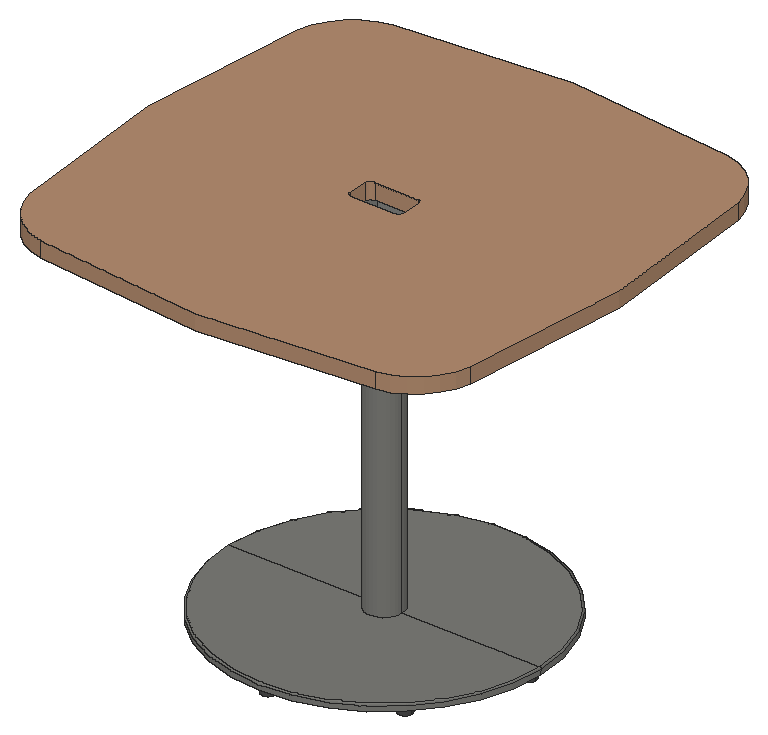
Revit family "Table-Teknion-ATERB_Rounded_Square_Cafe_Table_With_Electrics-R2022", category Furniture, Revit 2023
Family settings
  OmniClass Number = 23.40.20.00
  OmniClass Title = General Furniture and Specialties
  Work Plane-Based = No
  Enable Cutting in Views = No
  Always vertical = Yes
  Cut with Voids When Loaded = No
  Render Appearance Source = Family Geometry
  Shared = Yes
  Room Calculation Point = No
Parameters (values of type "29" Height")
  Width = 36.000"  # constant formula
  Warranty = "http://www.teknion.com/ca/papers/legal-canada"
  Unit Weight URL = "http://www.teknion.com/ca/tools/assets#&asset=bee6a381-b954-425e-8283-5a2de3a804f2,f828d448-4b62-4231-9e5f-9a8991c0ed77"
  URL = "www.teknion.com"
  To render please download texture images found here [instance] = "https://assets.teknion.com/web/5e81352c1dfdb467/revit-material-swatches/"
  Sustainability Data = "https://www.teknion.com/ca/tools/assets#&topic=216f99a5-57a0-44fc-b10a-9dee9b29ae4c&asset=444deb64-fe58-4b68-981e-f75e97781df7,b4ff2d81-9f2e-437d-9659-7cffb09c31cf"
  Surface Finish [instance] = Foundation Laminate - Teknion - YA - Anigre
  Series = "Teknion Casual Tables"  # constant formula
  Product Page URL = "https://www.teknion.com/ca/products/product-details?productlineid=a687336e-8e7a-673b-a6c8-ff00004460c4"
  Product Line = "Casual Tables"  # constant formula
  Product Documentation Link = "http://www.teknion.com/pricing/tables/pdfs/ATERB_ppg.pdf"
  Part Number = "ATERB"  # constant formula
  Model = "ATERB29M36AH"
  Manufacturer Phone = "416-661-3370"  # constant formula
  Manufacturer Fax = "416.661.4586"  # constant formula
  Manufacturer Contact Information = "http://www.teknion.com/ca/contactus"
  Manufacturer Address = "1150 Flint Road, Toronto, ON. M3J 2J5. Canada"  # constant formula
  Manufacturer = "Teknion"  # constant formula
  How To Use Teknion Materials User Guide [instance] = "https://assets.teknion.com/m/205dd0a49fa58060/original/How-to-add-a-Material-Library-and-Texture-Images-to-your-Revit-project.pdf"
  Height = 29.000"
  For Additional Finishes please visit [instance] = "https://assets.teknion.com/m/44a8009b046e5d47/original/Teknion_Materials_Library.zip"
  Description = "Rounded Square Cafe Table With Electrics, 29\" Height, Metal Post Base Style, 36\" Width, Dual Flush Power Module Cutout"
  Default Elevation = 0.000"
  Base Finish [instance] = Paint - Teknion - Mica - Anthracite
  Available Width = "36 Inch Only"  # constant formula
  Available Height = "26 & 29 Inch"  # constant formula
  Assembly Code = "E2020200"
Reference planes (in)
  plane 1 "Center Front/Back": y = 0
  plane 2: z = 0
  plane 3 "Center Left/Right": x = 0
  plane 4 "Left": x = -18
  plane 5 "Right": x = 18
  plane 6 "Back": y = 18
  plane 7 "Front": y = -18
  plane 8 "Top": z = 29
  plane 9: z = 27.81102
  plane 10: through (-21, -21, 48) normal (-0.7071, 0.7071, 0)
  plane 11: through (21, -21, 48) normal (-0.7071, -0.7071, 0)
Forms (in)
  Sweep 1, solid, material "Foundation Laminate - Teknion - YA - Anigre" <- "Surface Finish"
    path origin (0, 0, 0) x (1, 0, 0) y (0, 0, 1)
      loop
        line (0, 29) -> (0, 27.81102)
    profile origin (0, 0, 28.40551) x (0, -1, 0) y (1, 0, 0)
      loop
        arc (-12.82134, 16.86721) -> (-15.4802, 15.4802) -> (-16.86721, 12.82134) r 5
        arc (-16.86721, 12.82134) -> (-17.71625, 6.43564) -> (-18, 0) r 73.125
        arc (-18, 0) -> (-17.71625, -6.43564) -> (-16.86721, -12.82134) r 73.125
        arc (-16.86721, -12.82134) -> (-15.4802, -15.4802) -> (-12.82134, -16.86721) r 5
        arc (-12.82134, -16.86721) -> (0, -18) -> (12.82134, -16.86721) r 73.125
        arc (12.82134, -16.86721) -> (15.4802, -15.4802) -> (16.86721, -12.82134) r 5
        arc (16.86721, -12.82134) -> (18, 0) -> (16.86721, 12.82134) r 73.125
        arc (16.86721, 12.82134) -> (15.4802, 15.4802) -> (12.82134, 16.86721) r 5
        arc (12.82134, 16.86721) -> (0, 18) -> (-12.82134, 16.86721) r 73.125
  Sweep 2, void
    path origin (0, 0, 0) x (1, 0, 0) y (0, 0, 1)
      loop
        line (0, 30.5) -> (0, 25)
    profile origin (0, 0, 27.75) x (0, -1, 0) y (1, 0, 0)
      loop
        arc (-1.12205, -1.65354) -> (-1.00673, -1.93193) -> (-0.72835, -2.04724) r 0.3937
        line (-0.72835, -2.04724) -> (0.72835, -2.04724)
        arc (0.72835, -2.04724) -> (1.00673, -1.93193) -> (1.12205, -1.65354) r 0.3937
        line (1.12205, -1.65354) -> (1.12205, 1.65354)
        arc (1.12205, 1.65354) -> (1.00673, 1.93193) -> (0.72835, 2.04724) r 0.3937
        line (0.72835, 2.04724) -> (-0.72835, 2.04724)
        arc (-0.72835, 2.04724) -> (-1.00673, 1.93193) -> (-1.12205, 1.65354) r 0.3937
        line (-1.12205, 1.65354) -> (-1.12205, -1.65354)
  Revolve 3, solid, material "Paint - Teknion - Mica - Anthracite" <- "Base Finish"
    sketch origin (0, 0, 0) x (1, 0, 0) y (0, 0, 1)
      loop
        line (1.25689, 22.22047) -> (1.25689, 0.51969) -> (12, 0.51969) -> (12, 0.89469)
        arc (12, 0.89469) -> (11.96339, 0.98307) -> (11.875, 1.01969) r 0.125
        line (11.875, 1.01969) -> (1.375, 1.01969) -> (1.375, 22.22047) -> (1.25689, 22.22047)
      axis (0, 22.22047) -> (0, 0.51969)
    angle from 0 to 360
  Sweep 4, solid, material "Plastic - Teknion - E - Ebony"
    path origin (0, 0, 0) x (1, 0, 0) y (0, 0, 1)
      loop
        line (0, 0.51969) -> (0, 0)
    profile origin (0, 0, 0.25984) x (0, -1, 0) y (1, 0, 0)
      loop
        circle (-11.125, 0) r 0.51181
      loop
        circle (-7.86656, -7.86656) r 0.51181
      loop
        circle (0, -11.125) r 0.51181
      loop
        circle (7.86656, -7.86656) r 0.51181
      loop
        circle (11.125, 0) r 0.51181
      loop
        circle (7.86656, 7.86656) r 0.51181
      loop
        circle (0, 11.125) r 0.51181
      loop
        circle (-7.86656, 7.86656) r 0.51181
  SweptBlend 5, solid, material "Paint - Teknion - Mica - Anthracite" <- "Base Finish"
    path origin (0, 0, 0) x (1, 0, 0) y (0, 0, 1)
      loop
        line (0, 22.22047) -> (0, 27.70472)
    profile origin (0, 0, 22.22047) x (-1, 0, 0) y (0, -1, 0)
      loop
        line (-2.26181, -2.26181) -> (2.26181, -2.26181) -> (2.26181, 2.26181) -> (-2.26181, 2.26181) -> (-2.26181, -2.26181)
    end profile origin (0, 0, 27.70472) x (-1, 0, 0) y (0, -1, 0)
      loop
        line (3.30845, -3.30845) -> (3.30845, 3.30845) -> (-3.30845, 3.30845) -> (-3.30845, -3.30845) -> (3.30845, -3.30845)
  Sweep 6, solid, material "Paint - Teknion - Mica - Anthracite" <- "Base Finish"
    path origin (0, 0, 0) x (1, 0, 0) y (0, 0, 1)
      loop
        line (0, 27.81102) -> (0, 27.70472)
    profile origin (0, 0, 27.75787) x (0, -1, 0) y (1, 0, 0)
      loop
        line (-4.14173, -4.14173) -> (4.14173, -4.14173) -> (4.14173, 4.14173) -> (-4.14173, 4.14173) -> (-4.14173, -4.14173)
  SweptBlend 7, void
    path origin (0, 0, 0) x (1, 0, 0) y (0, 0, 1)
      loop
        line (0, 22.32677) -> (0, 27.81102)
    profile origin (0, 0, 22.32677) x (-1, 0, 0) y (0, -1, 0)
      loop
        line (2.17388, -2.17388) -> (2.17388, 2.17388) -> (-2.17388, 2.17388) -> (-2.17388, -2.17388) -> (2.17388, -2.17388)
    end profile origin (0, 0, 27.81102) x (-1, 0, 0) y (0, -1, 0)
      loop
        line (3.22052, -3.22052) -> (3.22052, 3.22052) -> (-3.22052, 3.22052) -> (-3.22052, -3.22052) -> (3.22052, -3.22052)
  Sweep 8, void
    path origin (0, 0, 0) x (1, 0, 0) y (0, 0, 1)
      loop
        line (0, 20.73191) -> (0, 23.73191)
    profile origin (0, 0, 22.23191) x (-1, 0, 0) y (0, -1, 0)
      loop
        circle (0, 0) r 1.25689
Cuts and joins
  Sweep 2 cuts Sweep 1
  SweptBlend 7, Sweep 8 cuts SweptBlend 5
  SweptBlend 7, Sweep 8 cuts Sweep 6
  joined: SweptBlend 5, Sweep 6
Lines and regions (in)
  Masking region 1
    outline origin (0, 0, 0) x (1, 0, 0) y (0, 1, 0)
      loop
        arc (12.82134, 16.86721) -> (6.43564, 17.71625) -> (0, 18) r 73.125
        arc (0, 18) -> (-6.43564, 17.71625) -> (-12.82134, 16.86721) r 73.125
        arc (-12.82134, 16.86721) -> (-15.4802, 15.4802) -> (-16.86721, 12.82134) r 5
        arc (-16.86721, 12.82134) -> (-18, 0) -> (-16.86721, -12.82134) r 73.125
        arc (-16.86721, -12.82134) -> (-15.4802, -15.4802) -> (-12.82134, -16.86721) r 5
        arc (-12.82134, -16.86721) -> (0, -18) -> (12.82134, -16.86721) r 73.125
        arc (12.82134, -16.86721) -> (15.4802, -15.4802) -> (16.86721, -12.82134) r 5
        arc (16.86721, -12.82134) -> (18, 0) -> (16.86721, 12.82134) r 73.125
        arc (16.86721, 12.82134) -> (15.4802, 15.4802) -> (12.82134, 16.86721) r 5
      loop
        arc (-0.56638, 1.12205) -> (-1.07043, 0.65875) -> (-1.25689, 0) r 1.25689
        arc (-1.25689, 0) -> (-1.07043, -0.65875) -> (-0.56638, -1.12205) r 1.25689
        line (-0.56638, -1.12205) -> (0.56638, -1.12205)
        arc (0.56638, -1.12205) -> (1.07043, -0.65875) -> (1.25689, 0) r 1.25689
        arc (1.25689, 0) -> (1.07043, 0.65875) -> (0.56638, 1.12205) r 1.25689
        line (0.56638, 1.12205) -> (-0.56638, 1.12205)
  symbolic lines
    curve 1: line (-1.65354, 1.12205, 0) -> (1.65354, 1.12205, 0)
    curve 2: arc (1.65354, 1.12205, 0) -> (1.93193, 1.00673, 0) -> (2.04724, 0.72835, 0) r 0.3937
    curve 3: line (2.04724, 0.72835, 0) -> (2.04724, -0.72835, 0)
    curve 4: arc (2.04724, -0.72835, 0) -> (1.93193, -1.00673, 0) -> (1.65354, -1.12205, 0) r 0.3937
    curve 5: line (1.65354, -1.12205, 0) -> (-1.65354, -1.12205, 0)
    curve 6: arc (-1.65354, -1.12205, 0) -> (-1.93193, -1.00673, 0) -> (-2.04724, -0.72835, 0) r 0.3937
    curve 7: line (-2.04724, -0.72835, 0) -> (-2.04724, 0.72835, 0)
    curve 8: arc (-2.04724, 0.72835, 0) -> (-1.93193, 1.00673, 0) -> (-1.65354, 1.12205, 0) r 0.3937
  symbolic lines, style "FurnitureHiddenLines", detail levels medium+fine
    curve 9: arc (12, 0, 0) -> (0, 12, 0) -> (-12, 0, 0) r 12
    curve 10: arc (-12, 0, 0) -> (0, -12, 0) -> (12, 0, 0) r 12
    curve 11: line (4.14173, 4.14173, 0) -> (-4.14173, 4.14173, 0)
    curve 12: line (4.14173, -4.14173, 0) -> (4.14173, 4.14173, 0)
    curve 13: line (-4.14173, -4.14173, 0) -> (4.14173, -4.14173, 0)
    curve 14: line (-4.14173, 4.14173, 0) -> (-4.14173, -4.14173, 0)
    curve 15: line (3.30845, 3.30845, 0) -> (-3.30845, 3.30845, 0)
    curve 16: line (-3.22052, 3.22052, 0) -> (3.22052, 3.22052, 0)
    curve 17: line (3.22052, 3.22052, 0) -> (3.22052, -3.22052, 0)
    curve 18: line (3.30845, -3.30845, 0) -> (3.30845, 3.30845, 0)
    curve 19: line (3.22052, -3.22052, 0) -> (-3.22052, -3.22052, 0)
    curve 20: line (-3.30845, -3.30845, 0) -> (3.30845, -3.30845, 0)
    curve 21: line (-3.22052, -3.22052, 0) -> (-3.22052, 3.22052, 0)
    curve 22: line (-3.30845, 3.30845, 0) -> (-3.30845, -3.30845, 0)
    curve 23: line (-2.26181, 2.26181, 0) -> (2.26181, 2.26181, 0)
    curve 24: line (2.17388, 2.17388, 0) -> (-2.17388, 2.17388, 0)
    curve 25: line (2.17388, -2.17388, 0) -> (2.17388, 2.17388, 0)
    curve 26: line (2.26181, 2.26181, 0) -> (2.26181, -2.26181, 0)
    curve 27: line (-2.17388, -2.17388, 0) -> (2.17388, -2.17388, 0)
    curve 28: line (2.26181, -2.26181, 0) -> (-2.26181, -2.26181, 0)
    curve 29: line (-2.17388, 2.17388, 0) -> (-2.17388, -2.17388, 0)
    curve 30: line (-2.26181, -2.26181, 0) -> (-2.26181, 2.26181, 0)
    curve 31: arc (1.375, 0, 0) -> (0, 1.375, 0) -> (-1.375, 0, 0) r 1.375
    curve 32: arc (1.25689, 0, 0) -> (0, 1.25689, 0) -> (-1.25689, 0, 0) r 1.25689
    curve 33: arc (-1.25689, 0, 0) -> (0, -1.25689, 0) -> (1.25689, 0, 0) r 1.25689
    curve 34: arc (-1.375, 0, 0) -> (0, -1.375, 0) -> (1.375, 0, 0) r 1.375
    curve 51: line (-5.82198, -2.39426, 0) -> (-5.82198, -3.31193, 0)
    curve 52: line (-5.23742, -1.80971, 0) -> (-5.82198, -2.39426, 0)
    curve 53: line (-4.13256, -2.91457, 0) -> (-5.23742, -1.80971, 0)
    curve 54: line (-5.17595, -3.95796, 0) -> (-5.82198, -3.31193, 0)
    curve 55: line (-5.17595, -3.95796, 0) -> (-4.93239, -4.40167, 0)
    curve 56: line (-4.19284, -2.8543, 0) -> (-4.21695, -3.95175, 0)
    curve 57: line (-4.15667, -4.01202, 0) -> (-4.13256, -2.91457, 0)
    curve 58: line (-3.95175, -4.21695, 0) -> (-4.21695, -3.95175, 0)
    curve 59: line (-4.01202, -4.15667, 0) -> (-2.91457, -4.13256, 0)
    curve 60: line (-2.8543, -4.19284, 0) -> (-3.95175, -4.21695, 0)
    curve 61: line (-2.91457, -4.13256, 0) -> (-1.80971, -5.23742, 0)
    curve 62: line (-1.80971, -5.23742, 0) -> (-2.39426, -5.82198, 0)
    curve 63: line (-2.39426, -5.82198, 0) -> (-3.31193, -5.82198, 0)
    curve 64: line (-3.95796, -5.17595, 0) -> (-3.31193, -5.82198, 0)
    curve 65: line (-5.10273, -5.36794, 0) -> (-5.36794, -5.10273, 0)
    curve 66: line (-3.95796, -5.17595, 0) -> (-4.40167, -4.93239, 0)
    curve 67: line (-4.3414, -4.99266, 0) -> (-3.89768, -5.23622, 0)
    curve 68: line (-4.99266, -4.3414, 0) -> (-5.23622, -3.89768, 0)
    curve 69: spline (-4.93239, -4.40167, 0) -> (-4.93111, -4.44466, 0) -> (-4.94138, -4.49381, 0) -> (-4.96274, -4.54692, 0) -> (-4.99422, -4.60161, 0) -> (-5.03442, -4.65542, 0) -> (-5.08153, -4.70594, 0) -> (-5.13344, -4.7509, 0) -> (-5.18783, -4.78829, 0) -> (-5.24225, -4.81644, 0) -> (-5.29426, -4.83407, 0) -> (-5.34154, -4.84041, 0) -> (-5.38195, -4.83516, 0)
    curve 70: spline (-5.44223, -4.77489, 0) -> (-5.40181, -4.78014, 0) -> (-5.35454, -4.7738, 0) -> (-5.30252, -4.75617, 0) -> (-5.2481, -4.72802, 0) -> (-5.19372, -4.69063, 0) -> (-5.1418, -4.64566, 0) -> (-5.09469, -4.59514, 0) -> (-5.05449, -4.54133, 0) -> (-5.02301, -4.48665, 0) -> (-5.00166, -4.43354, 0) -> (-4.99139, -4.38439, 0) -> (-4.99266, -4.3414, 0)
    curve 71: spline (-5.67223, -4.99564, 0) -> (-5.68393, -4.97689, 0) -> (-5.68655, -4.95112, 0) -> (-5.67988, -4.92023, 0) -> (-5.66442, -4.88648, 0) -> (-5.64131, -4.85237, 0) -> (-5.61225, -4.8204, 0) -> (-5.57938, -4.79292, 0) -> (-5.54511, -4.77197, 0) -> (-5.51197, -4.75907, 0) -> (-5.48239, -4.75518, 0) -> (-5.45856, -4.76058, 0) -> (-5.44223, -4.77489, 0)
    curve 72: spline (-5.38195, -4.83516, 0) -> (-5.39829, -4.82086, 0) -> (-5.42212, -4.81545, 0) -> (-5.4517, -4.81934, 0) -> (-5.48484, -4.83224, 0) -> (-5.5191, -4.8532, 0) -> (-5.55198, -4.88067, 0) -> (-5.58104, -4.91264, 0) -> (-5.60415, -4.94675, 0) -> (-5.61961, -4.9805, 0) -> (-5.62627, -5.01139, 0) -> (-5.62366, -5.03716, 0) -> (-5.61196, -5.05591, 0)
    curve 73: line (-5.61196, -5.05591, 0) -> (-5.67223, -4.99564, 0)
    curve 74: spline (-5.61196, -5.05591, 0) -> (-5.59221, -5.07158, 0) -> (-5.57136, -5.08606, 0) -> (-5.54943, -5.09934, 0) -> (-5.52645, -5.11141, 0) -> (-5.50243, -5.12225, 0) -> (-5.47741, -5.13185, 0) -> (-5.45141, -5.1402, 0) -> (-5.42445, -5.1473, 0) -> (-5.39657, -5.15314, 0) -> (-5.36779, -5.1577, 0) -> (-5.33814, -5.16099, 0) -> (-5.30766, -5.16301, 0)
    curve 75: spline (-5.36794, -5.10273, 0) -> (-5.39842, -5.10072, 0) -> (-5.42806, -5.09743, 0) -> (-5.45684, -5.09287, 0) -> (-5.48472, -5.08703, 0) -> (-5.51168, -5.07993, 0) -> (-5.53768, -5.07158, 0) -> (-5.5627, -5.06197, 0) -> (-5.58672, -5.05113, 0) -> (-5.60971, -5.03907, 0) -> (-5.63163, -5.02579, 0) -> (-5.65248, -5.01131, 0) -> (-5.67223, -4.99564, 0)
    curve 76: spline (-5.05591, -5.61196, 0) -> (-5.07158, -5.59221, 0) -> (-5.08606, -5.57136, 0) -> (-5.09934, -5.54943, 0) -> (-5.11141, -5.52645, 0) -> (-5.12225, -5.50243, 0) -> (-5.13185, -5.47741, 0) -> (-5.1402, -5.45141, 0) -> (-5.1473, -5.42445, 0) -> (-5.15314, -5.39657, 0) -> (-5.1577, -5.36779, 0) -> (-5.16099, -5.33814, 0) -> (-5.16301, -5.30766, 0)
    curve 77: spline (-5.10273, -5.36794, 0) -> (-5.10072, -5.39842, 0) -> (-5.09743, -5.42806, 0) -> (-5.09287, -5.45684, 0) -> (-5.08703, -5.48472, 0) -> (-5.07993, -5.51168, 0) -> (-5.07158, -5.53768, 0) -> (-5.06197, -5.5627, 0) -> (-5.05113, -5.58672, 0) -> (-5.03907, -5.60971, 0) -> (-5.02579, -5.63163, 0) -> (-5.01131, -5.65248, 0) -> (-4.99564, -5.67223, 0)
    curve 78: spline (-4.83516, -5.38195, 0) -> (-4.82086, -5.39829, 0) -> (-4.81545, -5.42212, 0) -> (-4.81934, -5.4517, 0) -> (-4.83224, -5.48484, 0) -> (-4.8532, -5.5191, 0) -> (-4.88067, -5.55198, 0) -> (-4.91264, -5.58104, 0) -> (-4.94675, -5.60415, 0) -> (-4.9805, -5.61961, 0) -> (-5.01139, -5.62627, 0) -> (-5.03716, -5.62366, 0) -> (-5.05591, -5.61196, 0)
    curve 79: spline (-4.99564, -5.67223, 0) -> (-4.97689, -5.68393, 0) -> (-4.95112, -5.68655, 0) -> (-4.92023, -5.67988, 0) -> (-4.88648, -5.66442, 0) -> (-4.85237, -5.64131, 0) -> (-4.8204, -5.61225, 0) -> (-4.79292, -5.57938, 0) -> (-4.77197, -5.54511, 0) -> (-4.75907, -5.51197, 0) -> (-4.75518, -5.48239, 0) -> (-4.76058, -5.45856, 0) -> (-4.77489, -5.44223, 0)
    curve 80: line (-5.05591, -5.61196, 0) -> (-4.99564, -5.67223, 0)
    curve 81: spline (-4.77489, -5.44223, 0) -> (-4.78014, -5.40181, 0) -> (-4.7738, -5.35454, 0) -> (-4.75617, -5.30252, 0) -> (-4.72802, -5.2481, 0) -> (-4.69063, -5.19372, 0) -> (-4.64566, -5.1418, 0) -> (-4.59514, -5.09469, 0) -> (-4.54133, -5.05449, 0) -> (-4.48665, -5.02301, 0) -> (-4.43354, -5.00166, 0) -> (-4.38439, -4.99139, 0) -> (-4.3414, -4.99266, 0)
    curve 82: spline (-4.40167, -4.93239, 0) -> (-4.44466, -4.93111, 0) -> (-4.49381, -4.94138, 0) -> (-4.54692, -4.96274, 0) -> (-4.60161, -4.99422, 0) -> (-4.65542, -5.03442, 0) -> (-4.70594, -5.08153, 0) -> (-4.7509, -5.13344, 0) -> (-4.78829, -5.18783, 0) -> (-4.81644, -5.24225, 0) -> (-4.83407, -5.29426, 0) -> (-4.84041, -5.34154, 0) -> (-4.83516, -5.38195, 0)
    curve 83: line (-4.83516, -5.38195, 0) -> (-4.77489, -5.44223, 0)
    curve 84: line (-5.38195, -4.83516, 0) -> (-5.44223, -4.77489, 0)
    curve 85: line (2.39426, 5.82198, 0) -> (3.31193, 5.82198, 0)
    curve 86: line (1.80971, 5.23742, 0) -> (2.39426, 5.82198, 0)
    curve 87: line (2.91457, 4.13256, 0) -> (1.80971, 5.23742, 0)
    curve 88: line (3.95796, 5.17595, 0) -> (3.31193, 5.82198, 0)
    curve 89: line (3.95796, 5.17595, 0) -> (4.40167, 4.93239, 0)
    curve 90: line (2.8543, 4.19284, 0) -> (3.95175, 4.21695, 0)
    curve 91: line (4.01202, 4.15667, 0) -> (2.91457, 4.13256, 0)
    curve 92: line (4.21695, 3.95175, 0) -> (3.95175, 4.21695, 0)
    curve 93: line (4.15667, 4.01202, 0) -> (4.13256, 2.91457, 0)
    curve 94: line (4.19284, 2.8543, 0) -> (4.21695, 3.95175, 0)
    curve 95: line (4.13256, 2.91457, 0) -> (5.23742, 1.80971, 0)
    curve 96: line (5.23742, 1.80971, 0) -> (5.82198, 2.39426, 0)
    curve 97: line (5.82198, 2.39426, 0) -> (5.82198, 3.31193, 0)
    curve 98: line (5.17595, 3.95796, 0) -> (5.82198, 3.31193, 0)
    curve 99: line (5.36794, 5.10273, 0) -> (5.10273, 5.36794, 0)
    curve 100: line (5.17595, 3.95796, 0) -> (4.93239, 4.40167, 0)
    curve 101: line (4.99266, 4.3414, 0) -> (5.23622, 3.89768, 0)
    curve 102: line (4.3414, 4.99266, 0) -> (3.89768, 5.23622, 0)
    curve 103: spline (4.40167, 4.93239, 0) -> (4.44466, 4.93111, 0) -> (4.49381, 4.94138, 0) -> (4.54692, 4.96274, 0) -> (4.60161, 4.99422, 0) -> (4.65542, 5.03442, 0) -> (4.70594, 5.08153, 0) -> (4.7509, 5.13344, 0) -> (4.78829, 5.18783, 0) -> (4.81644, 5.24225, 0) -> (4.83407, 5.29426, 0) -> (4.84041, 5.34154, 0) -> (4.83516, 5.38195, 0)
    curve 104: spline (4.77489, 5.44223, 0) -> (4.78014, 5.40181, 0) -> (4.7738, 5.35454, 0) -> (4.75617, 5.30252, 0) -> (4.72802, 5.2481, 0) -> (4.69063, 5.19372, 0) -> (4.64566, 5.1418, 0) -> (4.59514, 5.09469, 0) -> (4.54133, 5.05449, 0) -> (4.48665, 5.02301, 0) -> (4.43354, 5.00166, 0) -> (4.38439, 4.99139, 0) -> (4.3414, 4.99266, 0)
    curve 105: spline (4.99564, 5.67223, 0) -> (4.97689, 5.68393, 0) -> (4.95112, 5.68655, 0) -> (4.92023, 5.67988, 0) -> (4.88648, 5.66442, 0) -> (4.85237, 5.64131, 0) -> (4.8204, 5.61225, 0) -> (4.79292, 5.57938, 0) -> (4.77197, 5.54511, 0) -> (4.75907, 5.51197, 0) -> (4.75518, 5.48239, 0) -> (4.76058, 5.45856, 0) -> (4.77489, 5.44223, 0)
    curve 106: spline (4.83516, 5.38195, 0) -> (4.82086, 5.39829, 0) -> (4.81545, 5.42212, 0) -> (4.81934, 5.4517, 0) -> (4.83224, 5.48484, 0) -> (4.8532, 5.5191, 0) -> (4.88067, 5.55198, 0) -> (4.91264, 5.58104, 0) -> (4.94675, 5.60415, 0) -> (4.9805, 5.61961, 0) -> (5.01139, 5.62627, 0) -> (5.03716, 5.62366, 0) -> (5.05591, 5.61196, 0)
    curve 107: line (5.05591, 5.61196, 0) -> (4.99564, 5.67223, 0)
    curve 108: spline (5.05591, 5.61196, 0) -> (5.07158, 5.59221, 0) -> (5.08606, 5.57136, 0) -> (5.09934, 5.54943, 0) -> (5.11141, 5.52645, 0) -> (5.12225, 5.50243, 0) -> (5.13185, 5.47741, 0) -> (5.1402, 5.45141, 0) -> (5.1473, 5.42445, 0) -> (5.15314, 5.39657, 0) -> (5.1577, 5.36779, 0) -> (5.16099, 5.33814, 0) -> (5.16301, 5.30766, 0)
    curve 109: spline (5.10273, 5.36794, 0) -> (5.10072, 5.39842, 0) -> (5.09743, 5.42806, 0) -> (5.09287, 5.45684, 0) -> (5.08703, 5.48472, 0) -> (5.07993, 5.51168, 0) -> (5.07158, 5.53768, 0) -> (5.06197, 5.5627, 0) -> (5.05113, 5.58672, 0) -> (5.03907, 5.60971, 0) -> (5.02579, 5.63163, 0) -> (5.01131, 5.65248, 0) -> (4.99564, 5.67223, 0)
    curve 110: spline (5.61196, 5.05591, 0) -> (5.59221, 5.07158, 0) -> (5.57136, 5.08606, 0) -> (5.54943, 5.09934, 0) -> (5.52645, 5.11141, 0) -> (5.50243, 5.12225, 0) -> (5.47741, 5.13185, 0) -> (5.45141, 5.1402, 0) -> (5.42445, 5.1473, 0) -> (5.39657, 5.15314, 0) -> (5.36779, 5.1577, 0) -> (5.33814, 5.16099, 0) -> (5.30766, 5.16301, 0)
    curve 111: spline (5.36794, 5.10273, 0) -> (5.39842, 5.10072, 0) -> (5.42806, 5.09743, 0) -> (5.45684, 5.09287, 0) -> (5.48472, 5.08703, 0) -> (5.51168, 5.07993, 0) -> (5.53768, 5.07158, 0) -> (5.5627, 5.06197, 0) -> (5.58672, 5.05113, 0) -> (5.60971, 5.03907, 0) -> (5.63163, 5.02579, 0) -> (5.65248, 5.01131, 0) -> (5.67223, 4.99564, 0)
    curve 112: spline (5.38195, 4.83516, 0) -> (5.39829, 4.82086, 0) -> (5.42212, 4.81545, 0) -> (5.4517, 4.81934, 0) -> (5.48484, 4.83224, 0) -> (5.5191, 4.8532, 0) -> (5.55198, 4.88067, 0) -> (5.58104, 4.91264, 0) -> (5.60415, 4.94675, 0) -> (5.61961, 4.9805, 0) -> (5.62627, 5.01139, 0) -> (5.62366, 5.03716, 0) -> (5.61196, 5.05591, 0)
    curve 113: spline (5.67223, 4.99564, 0) -> (5.68393, 4.97689, 0) -> (5.68655, 4.95112, 0) -> (5.67988, 4.92023, 0) -> (5.66442, 4.88648, 0) -> (5.64131, 4.85237, 0) -> (5.61225, 4.8204, 0) -> (5.57938, 4.79292, 0) -> (5.54511, 4.77197, 0) -> (5.51197, 4.75907, 0) -> (5.48239, 4.75518, 0) -> (5.45856, 4.76058, 0) -> (5.44223, 4.77489, 0)
    curve 114: line (5.61196, 5.05591, 0) -> (5.67223, 4.99564, 0)
    curve 115: spline (5.44223, 4.77489, 0) -> (5.40181, 4.78014, 0) -> (5.35454, 4.7738, 0) -> (5.30252, 4.75617, 0) -> (5.2481, 4.72802, 0) -> (5.19372, 4.69063, 0) -> (5.1418, 4.64566, 0) -> (5.09469, 4.59514, 0) -> (5.05449, 4.54133, 0) -> (5.02301, 4.48665, 0) -> (5.00166, 4.43354, 0) -> (4.99139, 4.38439, 0) -> (4.99266, 4.3414, 0)
    curve 116: spline (4.93239, 4.40167, 0) -> (4.93111, 4.44466, 0) -> (4.94138, 4.49381, 0) -> (4.96274, 4.54692, 0) -> (4.99422, 4.60161, 0) -> (5.03442, 4.65542, 0) -> (5.08153, 4.70594, 0) -> (5.13344, 4.7509, 0) -> (5.18783, 4.78829, 0) -> (5.24225, 4.81644, 0) -> (5.29426, 4.83407, 0) -> (5.34154, 4.84041, 0) -> (5.38195, 4.83516, 0)
    curve 117: line (5.38195, 4.83516, 0) -> (5.44223, 4.77489, 0)
    curve 118: line (4.83516, 5.38195, 0) -> (4.77489, 5.44223, 0)
  symbolic lines, style "FurnitureHiddenLines", detail levels fine
    curve 35: arc (0.51181, 11.125, 0) -> (0, 11.63681, 0) -> (-0.51181, 11.125, 0) r 0.51181
    curve 36: arc (-0.51181, 11.125, 0) -> (0, 10.61319, 0) -> (0.51181, 11.125, 0) r 0.51181
    curve 37: arc (8.37837, 7.86656, 0) -> (7.86656, 8.37837, 0) -> (7.35475, 7.86656, 0) r 0.51181
    curve 38: arc (7.35475, 7.86656, 0) -> (7.86656, 7.35475, 0) -> (8.37837, 7.86656, 0) r 0.51181
    curve 39: arc (-7.35475, 7.86656, 0) -> (-7.86656, 8.37837, 0) -> (-8.37837, 7.86656, 0) r 0.51181
    curve 40: arc (-8.37837, 7.86656, 0) -> (-7.86656, 7.35475, 0) -> (-7.35475, 7.86656, 0) r 0.51181
    curve 41: arc (-10.61319, 0, 0) -> (-11.125, 0.51181, 0) -> (-11.63681, 0, 0) r 0.51181
    curve 42: arc (-11.63681, 0, 0) -> (-11.125, -0.51181, 0) -> (-10.61319, 0, 0) r 0.51181
    curve 43: arc (11.63681, 0, 0) -> (11.125, 0.51181, 0) -> (10.61319, 0, 0) r 0.51181
    curve 44: arc (10.61319, 0, 0) -> (11.125, -0.51181, 0) -> (11.63681, 0, 0) r 0.51181
    curve 45: arc (8.37837, -7.86656, 0) -> (7.86656, -7.35475, 0) -> (7.35475, -7.86656, 0) r 0.51181
    curve 46: arc (7.35475, -7.86656, 0) -> (7.86656, -8.37837, 0) -> (8.37837, -7.86656, 0) r 0.51181
    curve 47: arc (0.51181, -11.125, 0) -> (0, -10.61319, 0) -> (-0.51181, -11.125, 0) r 0.51181
    curve 48: arc (-0.51181, -11.125, 0) -> (0, -11.63681, 0) -> (0.51181, -11.125, 0) r 0.51181
    curve 49: arc (-7.35475, -7.86656, 0) -> (-7.86656, -7.35475, 0) -> (-8.37837, -7.86656, 0) r 0.51181
    curve 50: arc (-8.37837, -7.86656, 0) -> (-7.86656, -8.37837, 0) -> (-7.35475, -7.86656, 0) r 0.51181
  reference lines
    curve 119: line (-18, 18, 0) -> (18, 18, 0)
    curve 120: line (-18, 18, 0) -> (-18, -18, 0)
    curve 121: line (-18, -18, 0) -> (18, -18, 0)
    curve 122: line (18, 18, 0) -> (18, -18, 0)
Dimensions and locks (in)
  "Width": plane 4 "Left" to plane 5 "Right"
  "Width": plane 6 "Back" to plane 7 "Front"
  "Height": plane 8 "Top" to level
  locked: plane 8 "Top" to plane 9 at 1.18898
  equal spacing: plane 6 "Back", plane 1 "Center Front/Back", plane 7 "Front"
  equal spacing: plane 4 "Left", plane 3 "Center Left/Right", plane 5 "Right"
  locked: Sweep 2 sketch curve to plane 8 "Top" at 1.5
  locked: Sweep 2 sketch curve to Sweep 2 sketch curve at 5.5
  Sweep 2 sketch curve to plane 3 "Center Left/Right" to Sweep 2 sketch curve = 2.04724" locked, 2.04724" locked
  Sweep 2 sketch curve to plane 1 "Center Front/Back" to Sweep 2 sketch curve = 1.12205" locked, 1.12205" locked
  Revolve 3 sketch curve to Revolve 3 sketch curve to Revolve 3 sketch curve to Revolve 3 sketch curve to plane 3 "Center Left/Right" = 0.125" locked, 10.500" locked, 0.11811" locked, 1.25689" locked
  Revolve 3 sketch curve to Revolve 3 sketch curve to plane 2 = 0.500" locked, 0.51969" locked
  locked: plane 9 to Revolve 3 sketch curve at 5.59055
  locked: Sweep 4 sketch curve to plane 2 at 0.51969
  Sweep 4 sketch curve to Sweep 4 sketch curve to Sweep 4 sketch curve to plane 1 "Center Front/Back" to Sweep 4 sketch curve to Sweep 4 sketch curve to Sweep 4 sketch curve = 3.25844" locked, 0.000" locked, 7.86656" locked, 7.86656" locked, 0.000" locked, 3.25844" locked
  Sweep 4 sketch curve to Sweep 4 sketch curve to Sweep 4 sketch curve to plane 3 "Center Left/Right" to Sweep 4 sketch curve to Sweep 4 sketch curve to Sweep 4 sketch curve = 3.25844" locked, 0.000" locked, 7.86656" locked, 7.86656" locked, 0.000" locked, 3.25844" locked
  SweptBlend 5 sketch curve to SweptBlend 5 sketch curve to plane 9 = 5.48425" locked, 0.1063" locked
  SweptBlend 5 sketch curve to plane 1 "Center Front/Back" to SweptBlend 5 sketch curve = 2.26181" locked, 2.26181" locked
  SweptBlend 5 sketch curve to plane 3 "Center Left/Right" to SweptBlend 5 sketch curve = 2.26181" locked, 2.26181" locked
  SweptBlend 5 sketch curve to plane 1 "Center Front/Back" to SweptBlend 5 sketch curve = 3.30845" locked, 3.30845" locked
  SweptBlend 5 sketch curve to plane 3 "Center Left/Right" to SweptBlend 5 sketch curve = 3.30845" locked, 3.30845" locked
  locked: plane 9 to Sweep 6 sketch curve at 0.1063
  Sweep 6 sketch curve to plane 1 "Center Front/Back" to Sweep 6 sketch curve = 4.14173" locked, 4.14173" locked
  Sweep 6 sketch curve to plane 3 "Center Left/Right" to Sweep 6 sketch curve = 4.14173" locked, 4.14173" locked
  locked: plane 9 to SweptBlend 7 sketch curve at 5.48425
  SweptBlend 7 sketch curve to plane 1 "Center Front/Back" to SweptBlend 7 sketch curve = 2.17388" locked, 2.17388" locked
  SweptBlend 7 sketch curve to plane 3 "Center Left/Right" to SweptBlend 7 sketch curve = 2.17388" locked, 2.17388" locked
  SweptBlend 7 sketch curve to plane 1 "Center Front/Back" to SweptBlend 7 sketch curve = 3.22052" locked, 3.22052" locked
  SweptBlend 7 sketch curve to plane 3 "Center Left/Right" to SweptBlend 7 sketch curve = 3.22052" locked, 3.22052" locked
  Sweep 8 sketch curve to Sweep 8 sketch curve to plane 9 = 3.000" locked, 4.07911" locked
  locked: nested 1 to plane 11 at 6.2632
  locked: plane 11 to nested 2 at 6.2632
  aligned and locked: level to plane 2
  aligned and locked: Sweep 1 sketch curve to plane 3 "Center Left/Right"
  aligned and locked: plane 8 "Top" to Sweep 1 sketch curve
  aligned and locked: plane 9 to Sweep 1 sketch curve
  aligned and locked: Sweep 2 sketch curve to plane 3 "Center Left/Right"
  aligned and locked: Revolve 3 sketch curve to plane 3 "Center Left/Right"
  aligned and locked: Sweep 4 sketch curve to plane 3 "Center Left/Right"
  aligned and locked: plane 2 to Sweep 4 sketch curve
  aligned and locked: plane 1 "Center Front/Back" to Sweep 4 sketch curve  (x2)
  aligned and locked: plane 3 "Center Left/Right" to Sweep 4 sketch curve  (x2)
  aligned and locked: plane 3 "Center Left/Right" to SweptBlend 5 sketch curve
  aligned and locked: plane 9 to Sweep 6 sketch curve
  aligned and locked: Sweep 6 sketch curve to plane 3 "Center Left/Right"
  aligned and locked: plane 3 "Center Left/Right" to SweptBlend 7 sketch curve
  aligned and locked: plane 9 to SweptBlend 7 sketch curve
  aligned and locked: plane 3 "Center Left/Right" to Sweep 8 sketch curve  (x2)
  aligned and locked: plane 1 "Center Front/Back" to Sweep 8 sketch curve
  aligned and locked: nested 1 to plane 10
  aligned and locked: plane 10 to nested 2
  aligned and locked: curve 2 to cut or joined group of Sweep 1, Sweep 2
  aligned and locked: curve 4 to cut or joined group of Sweep 1, Sweep 2
  aligned and locked: curve 6 to cut or joined group of Sweep 1, Sweep 2
  aligned and locked: curve 8 to cut or joined group of Sweep 1, Sweep 2
  aligned and locked: curve 9 to Revolve 3
  aligned and locked: curve 10 to Revolve 3
  aligned and locked: curve 11 to cut or joined group of SweptBlend 5, Sweep 6, SweptBlend 7, Sweep 8
  aligned and locked: curve 12 to cut or joined group of SweptBlend 5, Sweep 6, SweptBlend 7, Sweep 8
  aligned and locked: curve 13 to cut or joined group of SweptBlend 5, Sweep 6, SweptBlend 7, Sweep 8
  aligned and locked: curve 14 to cut or joined group of SweptBlend 5, Sweep 6, SweptBlend 7, Sweep 8
  aligned and locked: curve 15 to cut or joined group of SweptBlend 5, Sweep 6, SweptBlend 7, Sweep 8
  aligned and locked: curve 16 to cut or joined group of SweptBlend 5, Sweep 6, SweptBlend 7, Sweep 8
  aligned and locked: curve 17 to cut or joined group of SweptBlend 5, Sweep 6, SweptBlend 7, Sweep 8
  aligned and locked: curve 18 to cut or joined group of SweptBlend 5, Sweep 6, SweptBlend 7, Sweep 8
  aligned and locked: curve 19 to cut or joined group of SweptBlend 5, Sweep 6, SweptBlend 7, Sweep 8
  aligned and locked: curve 20 to cut or joined group of SweptBlend 5, Sweep 6, SweptBlend 7, Sweep 8
  aligned and locked: curve 21 to cut or joined group of SweptBlend 5, Sweep 6, SweptBlend 7, Sweep 8
  aligned and locked: curve 22 to cut or joined group of SweptBlend 5, Sweep 6, SweptBlend 7, Sweep 8
  aligned and locked: curve 23 to cut or joined group of SweptBlend 5, Sweep 6, SweptBlend 7, Sweep 8
  aligned and locked: curve 24 to cut or joined group of SweptBlend 5, Sweep 6, SweptBlend 7, Sweep 8
  aligned and locked: curve 25 to cut or joined group of SweptBlend 5, Sweep 6, SweptBlend 7, Sweep 8
  aligned and locked: curve 26 to cut or joined group of SweptBlend 5, Sweep 6, SweptBlend 7, Sweep 8
  aligned and locked: curve 27 to cut or joined group of SweptBlend 5, Sweep 6, SweptBlend 7, Sweep 8
  aligned and locked: curve 28 to cut or joined group of SweptBlend 5, Sweep 6, SweptBlend 7, Sweep 8
  aligned and locked: curve 29 to cut or joined group of SweptBlend 5, Sweep 6, SweptBlend 7, Sweep 8
  aligned and locked: curve 30 to cut or joined group of SweptBlend 5, Sweep 6, SweptBlend 7, Sweep 8
  aligned and locked: curve 31 to Revolve 3
  aligned and locked: curve 32 to Revolve 3
  aligned and locked: curve 33 to Revolve 3
  aligned and locked: curve 34 to Revolve 3
  aligned and locked: curve 35 to Sweep 4
  aligned and locked: curve 36 to Sweep 4
  aligned and locked: curve 37 to Sweep 4
  aligned and locked: curve 38 to Sweep 4
  aligned and locked: curve 39 to Sweep 4
  aligned and locked: curve 40 to Sweep 4
  aligned and locked: curve 41 to Sweep 4
  aligned and locked: curve 42 to Sweep 4
  aligned and locked: curve 43 to Sweep 4
  aligned and locked: curve 44 to Sweep 4
  aligned and locked: curve 45 to Sweep 4
  aligned and locked: curve 46 to Sweep 4
  aligned and locked: curve 47 to Sweep 4
  aligned and locked: curve 48 to Sweep 4
  aligned and locked: curve 49 to Sweep 4
  aligned and locked: curve 50 to Sweep 4
  aligned and locked: curve 51 to nested 1
  aligned and locked: curve 52 to nested 1
  aligned and locked: curve 53 to nested 1
  aligned and locked: curve 54 to nested 1
  aligned and locked: curve 55 to nested 1
  aligned and locked: curve 56 to nested 1
  aligned and locked: curve 57 to nested 1
  aligned and locked: curve 58 to nested 1
  aligned and locked: curve 59 to nested 1
  aligned and locked: curve 60 to nested 1
  aligned and locked: curve 61 to nested 1
  aligned and locked: curve 62 to nested 1
  aligned and locked: curve 63 to nested 1
  aligned and locked: curve 64 to nested 1
  aligned and locked: curve 65 to nested 1
  aligned and locked: curve 66 to nested 1
  aligned and locked: curve 67 to nested 1
  aligned and locked: curve 68 to nested 1
  aligned and locked: curve 73 to nested 1
  aligned and locked: curve 80 to nested 1
  aligned and locked: curve 83 to nested 1
  aligned and locked: curve 84 to nested 1
  aligned and locked: plane 1 "Center Front/Back" to nested 3
  aligned and locked: plane 3 "Center Left/Right" to nested 3
  aligned and locked: curve 119 to plane 6 "Back"
  aligned and locked: curve 120 to plane 4 "Left"
  aligned and locked: plane 7 "Front" to curve 121
  aligned and locked: plane 5 "Right" to curve 122
  aligned and locked: nested 2 to plane 9
  aligned and locked: plane 9 to nested 1
Automatic sketch dimensions
  Sweep 2 sketch curve to Sweep 2 sketch curve = 0.3937"  (x3)
  plane 1 "Center Front/Back" to Sweep 2 sketch curve = 0.72835"
  Sweep 2 sketch curve to profile plane = 1.65354"
  Revolve 3 sketch curve to level = 24.000"
  plane 8 "Top" to Revolve 3 sketch curve = 66.33184"
  plane 1 "Center Front/Back" to Sweep 4 sketch curve = 0.000"  (x4)
  Sweep 4 sketch curve to Sweep 4 sketch curve = 0.000"  (x12)
  Sweep 4 sketch curve to Sweep 4 sketch curve = 0.51181"  (x8)
  Sweep 8 sketch curve to profile plane = 0.000"  (x2)
  Sweep 8 sketch curve to plane 1 "Center Front/Back" = 1.25689"
  plane 1 "Center Front/Back" to curve 10 = 0.000"  (x2)
  plane 1 "Center Front/Back" to curve 44 = 0.000"  (x2)
  plane 1 "Center Front/Back" to curve 42 = 0.000"  (x2)
  plane 1 "Center Front/Back" to curve 73 = 4.99564"
  plane 1 "Center Front/Back" to curve 73 = 5.05591"
  plane 1 "Center Front/Back" to curve 84 = 4.77489"
  plane 1 "Center Front/Back" to curve 84 = 4.83516"
  plane 1 "Center Front/Back" to curve 65 = 5.10273"
  plane 1 "Center Front/Back" to curve 54 = 3.95796"
  curve 75 to curve 65 = 0.2652"
  curve 77 to curve 80 = 0.04682"
  plane 1 "Center Front/Back" to curve 80 = 5.67223"
  plane 1 "Center Front/Back" to curve 68 = 4.3414"
  curve 68 to curve 55 = 0.06027"
  plane 1 "Center Front/Back" to curve 83 = 5.38195"
  curve 83 to curve 83 = 0.06027"
  plane 1 "Center Front/Back" to curve 66 = 4.93239"
  curve 82 to curve 67 = 0.06027"
  plane 3 "Center Left/Right" to curve 86 = 1.80971"
  curve 87 to curve 86 = 0.58455"
  curve 91 to curve 15 = 0.39388"
  curve 86 to curve 85 = 0.91766"
  curve 92 to curve 11 = 0.18999"  (x2)
  curve 85 to curve 88 = 0.64603"
  curve 15 to curve 93 = 0.82411"
  curve 11 to curve 92 = 0.07521"
  curve 88 to curve 102 = 0.38344"
  curve 102 to curve 89 = 0.06027"
  curve 102 to curve 118 = 0.43349"
  curve 104 to curve 118 = 0.06027"
  curve 89 to curve 100 = 0.53072"
  curve 100 to curve 101 = 0.06027"
  curve 118 to curve 107 = 0.22076"
  curve 109 to curve 107 = 0.06027"
  curve 106 to curve 99 = 0.04682"
  curve 101 to curve 98 = 0.18328"
  curve 96 to plane 1 "Center Front/Back" = 1.80971"
  curve 93 to curve 96 = 1.10486"
  curve 109 to curve 99 = 0.2652"
  curve 111 to curve 117 = 0.01402"
  curve 116 to curve 117 = 0.06027"
  curve 111 to curve 114 = 0.24403"
  curve 110 to curve 114 = 0.06027"
  curve 95 to curve 97 = 0.58455"  (x2)
  curve 55 to curve 68 = 0.06027"
  curve 97 to curve 97 = 0.91766"
  curve 97 to curve 98 = 0.64603"
  curve 15 to curve 91 = 0.82411"
  curve 11 to curve 90 = 0.07521"
  curve 98 to curve 101 = 0.38344"
  curve 115 to curve 100 = 0.06027"
  curve 115 to curve 117 = 0.43349"
  curve 117 to curve 117 = 0.06027"
  curve 116 to curve 89 = 0.53072"
  curve 103 to curve 102 = 0.06027"
  curve 117 to curve 114 = 0.22076"
  curve 113 to curve 114 = 0.06027"
  curve 114 to curve 99 = 0.04682"
  curve 104 to curve 88 = 0.18328"
  curve 91 to curve 87 = 1.10486"
  curve 99 to curve 99 = 0.2652"
  curve 99 to curve 118 = 0.01402"
  curve 118 to curve 118 = 0.06027"
  curve 99 to curve 107 = 0.24403"
  curve 108 to curve 107 = 0.06027"
  curve 71 to curve 70 = 0.11821"
  curve 71 to curve 72 = 0.06027"
  curve 71 to curve 70 = 0.0052"
  curve 72 to curve 69 = 0.0052"
  curve 75 to curve 74 = 0.06027"  (x3)
  curve 70 to curve 68 = 0.2562"
  curve 70 to curve 69 = 0.06027"
  curve 76 to curve 65 = 0.06027"
  curve 70 to curve 70 = 0.02511"
  curve 68 to curve 69 = 0.03516"
  curve 78 to curve 78 = 0.1066"
  curve 78 to curve 79 = 0.06027"
  curve 83 to curve 78 = 0.0064"
  curve 81 to curve 79 = 0.0064"
  curve 75 to curve 56 = 0.38057"
  curve 82 to curve 67 = 0.24067"
  curve 82 to curve 81 = 0.06027"
  curve 82 to curve 81 = 0.00959"
  curve 81 to curve 81 = 0.05069"
  curve 58 to curve 76 = 0.01609"
  curve 76 to curve 77 = 0.06027"  (x2)
  curve 75 to curve 19 = 0.27856"
  curve 19 to curve 76 = 0.38329"
  curve 109 to curve 16 = 0.44357"
  curve 109 to curve 108 = 0.06027"  (x3)
  curve 90 to curve 91 = 0.06027"  (x2)
  curve 16 to curve 110 = 0.21829"
  curve 110 to curve 111 = 0.06027"  (x2)
  curve 109 to curve 92 = 0.07636"
  curve 102 to curve 88 = 0.06027"
  curve 93 to plane 1 "Center Front/Back" = 4.01202"
  curve 94 to plane 1 "Center Front/Back" = 2.8543"
  curve 104 to curve 104 = 0.05069"
  curve 102 to curve 103 = 0.00959"
  curve 102 to curve 104 = 0.18039"
  curve 94 to curve 110 = 0.32029"
  curve 104 to curve 103 = 0.06027"
  curve 105 to curve 118 = 0.0064"
  curve 106 to curve 118 = 0.0064"
  curve 118 to curve 105 = 0.1066"
  curve 105 to curve 106 = 0.06027"
  curve 116 to curve 115 = 0.03516"
  curve 101 to curve 115 = 0.02511"
  curve 115 to curve 116 = 0.19592"
  curve 101 to plane 1 "Center Front/Back" = 3.89768"
  curve 116 to curve 115 = 0.06027"
  curve 110 to curve 99 = 0.06027"
  curve 116 to curve 112 = 0.0052"
  curve 115 to curve 113 = 0.0052"
  curve 116 to curve 112 = 0.11821"
  curve 112 to curve 113 = 0.06027"
  curve 48 to curve 47 = 0.000"
  curve 47 to curve 47 = 0.000"
  curve 46 to curve 45 = 0.000"
  curve 45 to curve 45 = 0.000"
  curve 49 to curve 49 = 0.000"  (x2)
  curve 40 to curve 39 = 0.000"
  curve 39 to curve 40 = 0.000"
  curve 37 to curve 37 = 0.000"  (x2)
  curve 36 to curve 35 = 0.000"
  curve 35 to curve 35 = 0.000"
  Sweep 1 sketch curve to Sweep 1 sketch curve = 0.000"  (x8)
  Sweep 1 sketch curve to profile plane = 0.000"  (x2)
  Sweep 1 sketch curve to plane 1 "Center Front/Back" = 0.000"
  plane 1 "Center Front/Back" to Sweep 1 sketch curve = 0.000"
  Sweep 1 sketch curve to plane 1 "Center Front/Back" = 11.94467"  (x2)
  plane 1 "Center Front/Back" to Sweep 1 sketch curve = 11.94467"
  Sweep 1 sketch curve to Sweep 1 sketch curve = 43.18033"  (x2)
  profile plane to Sweep 1 sketch curve = 11.94467"  (x2)
  Sweep 1 sketch curve to profile plane = 11.94467"  (x2)
  Sweep 1 sketch curve to Sweep 1 sketch curve = 0.87667"  (x3)
  Sweep 1 sketch curve to Sweep 1 sketch curve = 4.92254"
  Masking region 1 sketch curve to Masking region 1 sketch curve = 0.000"  (x11)
  Masking region 1 sketch curve to plane 1 "Center Front/Back" = 0.000"
  Masking region 1 sketch curve to plane 10 = 0.000"  (x2)
  plane 11 to Masking region 1 sketch curve = 0.000"  (x2)
  Masking region 1 sketch curve to plane 3 "Center Left/Right" = 0.000"  (x3)
  plane 1 "Center Front/Back" to Masking region 1 sketch curve = 0.000"  (x2)
  Masking region 1 sketch curve to plane 6 "Back" = 0.000"
  plane 4 "Left" to Masking region 1 sketch curve = 6.05533"  (x2)
  Masking region 1 sketch curve to plane 4 "Left" = 37.125"
  plane 5 "Right" to Masking region 1 sketch curve = 6.05533"  (x2)
  Masking region 1 sketch curve to plane 5 "Right" = 37.125"
  plane 7 "Front" to Masking region 1 sketch curve = 37.125"
  plane 6 "Back" to Masking region 1 sketch curve = 37.125"
  Masking region 1 sketch curve to plane 7 "Front" = 1.13279"
  Masking region 1 sketch curve to Masking region 1 sketch curve = 0.69051"
  Masking region 1 sketch curve to plane 1 "Center Front/Back" = 1.12205"
  Masking region 1 sketch curve to plane 3 "Center Left/Right" = 0.56638"
  plane 3 "Center Left/Right" to Masking region 1 sketch curve = 0.56638"
Nested families (in)
  nested 1: "Support" at (-4.58902, -4.55924, 0) x (0.7071, -0.7071, 0) z (0, 0, 1), Base Finish <- "Base Finish", type "Support"
    with To render please download texture images found here "https://assets.teknion.com/web/5e81352c1dfdb467/revit-material-swatches/", How To Use Teknion Materials User Guide "https://assets.teknion.com/m/205dd0a49fa58060/original/How-to-add-a-Material-Library-and-Texture-Images-to-your-Revit-project.pdf", For Additional Finishes please visit "https://assets.teknion.com/m/44a8009b046e5d47/original/Teknion_Materials_Library.zip", Base Finish Paint - Teknion - Mica - Anthracite
  nested 2: "Support" at (4.55924, 4.58902, 0) x (0.7071, -0.7071, 0) z (0, 0, 1), Base Finish <- "Base Finish", type "Support"
    with To render please download texture images found here "https://assets.teknion.com/web/5e81352c1dfdb467/revit-material-swatches/", How To Use Teknion Materials User Guide "https://assets.teknion.com/m/205dd0a49fa58060/original/How-to-add-a-Material-Library-and-Texture-Images-to-your-Revit-project.pdf", For Additional Finishes please visit "https://assets.teknion.com/m/44a8009b046e5d47/original/Teknion_Materials_Library.zip", Base Finish Paint - Teknion - Mica - Anthracite
  nested 3: "Teknion_2D_Node_Family-R2016" at (0, 0, 0), type "Teknion_2D_Node_Family-R2016"
Definition of nested family "Support"
  Parameters (values of type "Support")
    Warranty = "http://www.teknion.com/ca/papers/legal-canada"
    Unit Weight URL = "http://www.teknion.com/ca/tools/assets#&asset=bee6a381-b954-425e-8283-5a2de3a804f2,f828d448-4b62-4231-9e5f-9a8991c0ed77"
    URL = "www.teknion.com"
    To render please download texture images found here [instance] = "https://assets.teknion.com/web/5e81352c1dfdb467/revit-material-swatches/"
    Sustainability Data = "https://www.teknion.com/ca/tools/assets#&topic=216f99a5-57a0-44fc-b10a-9dee9b29ae4c&asset=444deb64-fe58-4b68-981e-f75e97781df7,b4ff2d81-9f2e-437d-9659-7cffb09c31cf"
    Series = ""
    Product Page URL = ""
    Product Line = ""
    Product Documentation Link = ""
    Part Number = ""
    Model = "1"
    Manufacturer Phone = "416-661-3370"  # constant formula
    Manufacturer Fax = "416.661.4586"  # constant formula
    Manufacturer Contact Information = "http://www.teknion.com/ca/contactus"
    Manufacturer Address = "1150 Flint Road, Toronto, ON. M3J 2J5. Canada"  # constant formula
    Manufacturer = "Teknion"  # constant formula
    How To Use Teknion Materials User Guide [instance] = "https://assets.teknion.com/m/205dd0a49fa58060/original/How-to-add-a-Material-Library-and-Texture-Images-to-your-Revit-project.pdf"
    For Additional Finishes please visit [instance] = "https://assets.teknion.com/m/44a8009b046e5d47/original/Teknion_Materials_Library.zip"
    Description = "Support"
    Default Elevation = 0.000"
    Base Finish [instance] = none
    Assembly Code = "E2020200"
  Reference planes (in)
    plane 1 "Center Front/Back": y = 0.2056
    plane 2: z = 0
    plane 3 "Center Left/Right": x = 0.02106
    plane 4 "Left": x = -2.4027
    plane 5 "Right": x = 2.44482
    plane 6 "Back": y = 1.48572
    plane 7 "Front": y = -1.07453
    plane 8 "Top": z = 27.81102
  Forms (in)
    Sweep 1, solid, material <- "Base Finish"
      path origin (0, 0.2056, 0) x (1, 0, 0) y (0, 0, 1)
        loop
          line (-0.92543, 27.65354) -> (-0.84019, 27.70276)
      profile origin (-0.88281, 0.2056, 27.67815) x (-0.5, 0, 0.866025) y (0, -1, 0)
        loop
          line (-1.51793, -0.48706) -> (0, -1.28012) -> (0, 0.19544) -> (-0.97195, 0.33698)
          arc (-0.97195, 0.33698) -> (-1.19133, 0.65758) -> (-0.94922, 0.96139) r 0.3268
          arc (-0.94922, 0.96139) -> (-0.77313, 1.1138) -> (-0.93613, 1.28012) r 0.15981
          arc (-0.93613, 1.28012) -> (-1.23381, 1.23868) -> (-1.51793, 1.14068) r 1.55342
          line (-1.51793, 1.14068) -> (-1.51793, -0.48706)
    Sweep 2, solid, material <- "Base Finish"
      path origin (0, 0, 0) x (1, 0, 0) y (0, 1, 0)
        loop
          line (0.02106, -0.93508) -> (0.02106, 0.69266)
      profile origin (0.02106, -0.12121, 0) x (-1, 0, 0) y (0, 0, 1)
        loop
          arc (0.10229, 26.38819) -> (0, 26.32913) -> (-0.10229, 26.38819) r 0.11811
          line (-0.10229, 26.38819) -> (-0.18753, 26.33898)
          arc (-0.18753, 26.33898) -> (0, 26.23071) -> (0.18753, 26.33898) r 0.21654
          line (0.18753, 26.33898) -> (0.10229, 26.38819)
    Sweep 3, solid, material <- "Base Finish"
      path origin (0, 0.2056, 0) x (1, 0, 0) y (0, 0, 1)
        loop
          line (-2.4027, 27.7126) -> (-2.4027, 27.81102)
      profile origin (-2.4027, 0.2056, 27.76181) x (-1, 0, 0) y (0, -1, 0)
        loop
          line (-1.37498, 0.19544) -> (-1.37498, -1.28012) -> (0, -1.28012) -> (0, -0.45344) -> (-0.64889, 0.19544) -> (-1.37498, 0.19544)
    Sweep 4, solid, material <- "Base Finish"
      path origin (0, 0, 0) x (1, 0, 0) y (0, 1, 0)
        loop
          line (-1.02772, 0.01015) -> (-1.02772, 1.48572)
      profile origin (-1.02772, 0.74794, 0) x (-1, 0, 0) y (0, 0, 1)
        loop
          arc (0, 27.81102) -> (-0.10827, 27.78201) -> (-0.18753, 27.70276) r 0.21654
          line (-0.18753, 27.70276) -> (-0.10229, 27.65354)
          arc (-0.10229, 27.65354) -> (-0.05906, 27.69677) -> (0, 27.7126) r 0.11811
          line (0, 27.7126) -> (0, 27.81102)
    Sweep 5, solid, material <- "Base Finish"
      path origin (0.04212, 0.2056, 0) x (-1, 0, 0) y (0, 0, -1)
        loop
          line (-0.92543, -27.65354) -> (-0.84019, -27.70276)
      profile origin (0.92493, 0.2056, 27.67815) x (-0.5, 0, -0.866025) y (0, -1, 0)
        loop
          line (1.51793, -0.48706) -> (1.51793, 1.14068)
          arc (1.51793, 1.14068) -> (1.23381, 1.23868) -> (0.93613, 1.28012) r 1.55342
          arc (0.93613, 1.28012) -> (0.77313, 1.1138) -> (0.94922, 0.96139) r 0.15981
          arc (0.94922, 0.96139) -> (1.19133, 0.65758) -> (0.97195, 0.33698) r 0.3268
          line (0.97195, 0.33698) -> (0, 0.19544) -> (0, -1.28012) -> (1.51793, -0.48706)
    Sweep 6, solid, material <- "Base Finish"
      path origin (0.04212, 0.2056, 0) x (-1, 0, 0) y (0, 0, -1)
        loop
          line (-2.4027, -27.7126) -> (-2.4027, -27.81102)
      profile origin (2.44482, 0.2056, 27.76181) x (-1, 0, 0) y (0, -1, 0)
        loop
          line (1.37498, 0.19544) -> (0.64889, 0.19544) -> (0, -0.45344) -> (0, -1.28012) -> (1.37498, -1.28012) -> (1.37498, 0.19544)
    Sweep 7, solid, material <- "Base Finish"
      path origin (0.04212, 0, 0) x (-1, 0, 0) y (0, -1, 0)
        loop
          line (-1.02772, -0.01015) -> (-1.02772, -1.48572)
      profile origin (1.06984, 0.74794, 0) x (-1, 0, 0) y (0, 0, 1)
        loop
          line (0, 27.81102) -> (0, 27.7126)
          arc (0, 27.7126) -> (0.05906, 27.69677) -> (0.10229, 27.65354) r 0.11811
          line (0.10229, 27.65354) -> (0.18753, 27.70276)
          arc (0.18753, 27.70276) -> (0.10827, 27.78201) -> (0, 27.81102) r 0.21654
  Cuts and joins
    joined: Sweep 1, Sweep 2, Sweep 3, Sweep 4, Sweep 5, Sweep 6, Sweep 7
  Lines and regions (in)
    symbolic lines
      curve 1: line (-0.84019, 1.48572, 0) -> (-2.4027, 1.48572, 0)
      curve 2: line (-2.4027, 1.48572, 0) -> (-2.4027, 0.65904, 0)
      curve 3: line (-2.4027, 0.65904, 0) -> (-1.75381, 0.01015, 0)
      curve 4: line (-0.84019, 0.01015, 0) -> (-1.75381, 0.01015, 0)
      curve 5: line (-0.84019, 0.01015, 0) -> (-0.35422, -0.13138, 0)
      curve 6: line (-0.43946, -0.13138, 0) -> (-0.92543, 0.01015, 0)
      curve 7: spline (-0.35422, -0.13138, 0) -> (-0.32292, -0.16087, 0) -> (-0.29542, -0.20289, 0) -> (-0.27297, -0.25554, 0) -> (-0.25656, -0.31647, 0) -> (-0.24694, -0.38295, 0) -> (-0.24453, -0.45198, 0) -> (-0.24944, -0.52049, 0) -> (-0.26145, -0.58538, 0) -> (-0.28003, -0.64377, 0) -> (-0.30434, -0.69302, 0) -> (-0.33329, -0.73092, 0) -> (-0.36558, -0.75579, 0)
      curve 8: spline (-0.45082, -0.75579, 0) -> (-0.41853, -0.73092, 0) -> (-0.38958, -0.69302, 0) -> (-0.36527, -0.64377, 0) -> (-0.34669, -0.58538, 0) -> (-0.33468, -0.52049, 0) -> (-0.32977, -0.45198, 0) -> (-0.33217, -0.38295, 0) -> (-0.3418, -0.31647, 0) -> (-0.35821, -0.25554, 0) -> (-0.38066, -0.20289, 0) -> (-0.40816, -0.16087, 0) -> (-0.43946, -0.13138, 0)
      curve 9: spline (-0.36558, -0.75579, 0) -> (-0.38725, -0.75723, 0) -> (-0.40792, -0.77026, 0) -> (-0.42608, -0.79392, 0) -> (-0.4404, -0.82647, 0) -> (-0.44981, -0.86552, 0) -> (-0.45363, -0.9082, 0) -> (-0.45157, -0.95135, 0) -> (-0.44379, -0.99181, 0) -> (-0.43086, -1.02661, 0) -> (-0.41373, -1.05317, 0) -> (-0.39366, -1.06954, 0) -> (-0.37213, -1.07453, 0)
      curve 10: spline (-0.45736, -1.07453, 0) -> (-0.4789, -1.06954, 0) -> (-0.49897, -1.05317, 0) -> (-0.5161, -1.02661, 0) -> (-0.52903, -0.99181, 0) -> (-0.53681, -0.95135, 0) -> (-0.53886, -0.9082, 0) -> (-0.53505, -0.86552, 0) -> (-0.52563, -0.82647, 0) -> (-0.51132, -0.79392, 0) -> (-0.49316, -0.77026, 0) -> (-0.47249, -0.75723, 0) -> (-0.45082, -0.75579, 0)
      curve 11: spline (-0.37213, -1.07453, 0) -> (-0.34708, -1.07164, 0) -> (-0.3221, -1.06713, 0) -> (-0.2972, -1.06102, 0) -> (-0.27242, -1.0533, 0) -> (-0.24777, -1.04398, 0) -> (-0.22329, -1.03308, 0) -> (-0.19899, -1.0206, 0) -> (-0.17491, -1.00656, 0) -> (-0.15107, -0.99097, 0) -> (-0.12749, -0.97384, 0) -> (-0.1042, -0.95521, 0) -> (-0.08123, -0.93508, 0)
      curve 12: spline (-0.16647, -0.93508, 0) -> (-0.18944, -0.95521, 0) -> (-0.21273, -0.97384, 0) -> (-0.23631, -0.99097, 0) -> (-0.26015, -1.00656, 0) -> (-0.28423, -1.0206, 0) -> (-0.30853, -1.03308, 0) -> (-0.33301, -1.04398, 0) -> (-0.35766, -1.0533, 0) -> (-0.38244, -1.06102, 0) -> (-0.40734, -1.06713, 0) -> (-0.43232, -1.07164, 0) -> (-0.45736, -1.07453, 0)
      curve 13: line (0.20858, -0.93508, 0) -> (-0.16647, -0.93508, 0)
      curve 14: line (-0.37213, -1.07453, 0) -> (-0.45736, -1.07453, 0)
      curve 15: line (-0.35422, -0.13138, 0) -> (-0.43946, -0.13138, 0)
      curve 16: line (-0.36558, -0.75579, 0) -> (-0.45082, -0.75579, 0)
      curve 17: line (-0.92543, 1.48572, 0) -> (-0.16647, 0.69266, 0)
      curve 18: line (-0.08123, 0.69266, 0) -> (-0.84019, 1.48572, 0)
      curve 19: line (0.20858, 0.69266, 0) -> (-0.16647, 0.69266, 0)
      curve 20: line (0.88231, 1.48572, 0) -> (2.44482, 1.48572, 0)
      curve 21: line (2.44482, 1.48572, 0) -> (2.44482, 0.65904, 0)
      curve 22: line (2.44482, 0.65904, 0) -> (1.79593, 0.01015, 0)
      curve 23: line (0.88231, 0.01015, 0) -> (1.79593, 0.01015, 0)
      curve 24: line (0.88231, 0.01015, 0) -> (0.39634, -0.13138, 0)
      curve 25: line (0.48158, -0.13138, 0) -> (0.96755, 0.01015, 0)
      curve 26: spline (0.39634, -0.13138, 0) -> (0.36504, -0.16087, 0) -> (0.33754, -0.20289, 0) -> (0.31509, -0.25554, 0) -> (0.29868, -0.31647, 0) -> (0.28906, -0.38295, 0) -> (0.28665, -0.45198, 0) -> (0.29156, -0.52049, 0) -> (0.30357, -0.58538, 0) -> (0.32215, -0.64377, 0) -> (0.34646, -0.69302, 0) -> (0.37541, -0.73092, 0) -> (0.4077, -0.75579, 0)
      curve 27: spline (0.49294, -0.75579, 0) -> (0.46065, -0.73092, 0) -> (0.4317, -0.69302, 0) -> (0.40739, -0.64377, 0) -> (0.38881, -0.58538, 0) -> (0.3768, -0.52049, 0) -> (0.37188, -0.45198, 0) -> (0.37429, -0.38295, 0) -> (0.38392, -0.31647, 0) -> (0.40033, -0.25554, 0) -> (0.42278, -0.20289, 0) -> (0.45027, -0.16087, 0) -> (0.48158, -0.13138, 0)
      curve 28: spline (0.4077, -0.75579, 0) -> (0.42937, -0.75723, 0) -> (0.45004, -0.77026, 0) -> (0.4682, -0.79392, 0) -> (0.48251, -0.82647, 0) -> (0.49193, -0.86552, 0) -> (0.49574, -0.9082, 0) -> (0.49369, -0.95135, 0) -> (0.48591, -0.99181, 0) -> (0.47298, -1.02661, 0) -> (0.45585, -1.05317, 0) -> (0.43578, -1.06954, 0) -> (0.41424, -1.07453, 0)
